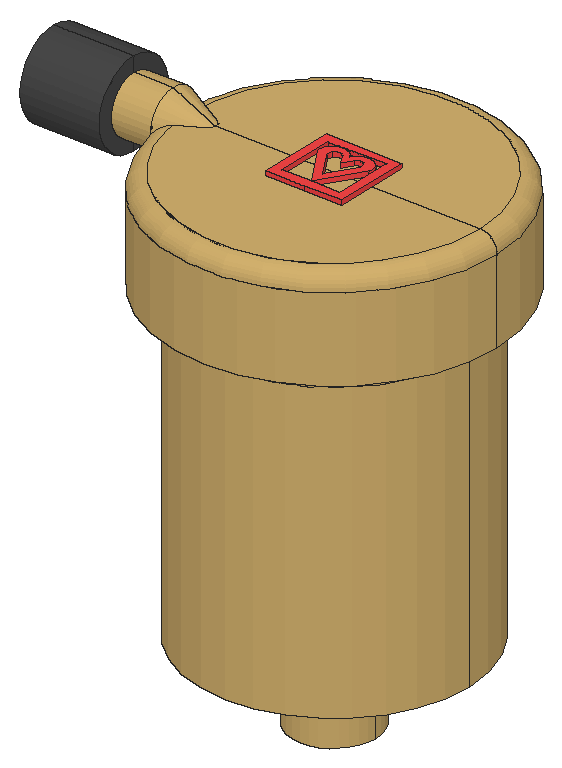
Revit family "Automatic air vents 2630 02", category Rohrzubehör, Revit 2021
Family settings
  Bemaßung runder Anschluss = Durchmesser verwenden
  Teiletyp = Normal
  OmniClass-Nummer = 23.65.55.14
  OmniClass-Titel = Valves for Liquid Services
  Arbeitsebenenbasiert = Nein
  Immer vertikal = Ja
  Beim Laden mit Abzugskörper schneiden = Nein
  Gemeinsam genutzt = Nein
Parameters
  Vorgabe-Ansicht = 0.000 mm
  URL = "www.herzvalves.com"
  SCRNSEQ = "AWI;AWI_TYP=\"1013\";1"
  SCRNCODE = "05;14;01"  # constant formula
  Part number [instance] = if(Nennweite AG = 10.000 mm, 1263002, 0)  # 1263002
  Float ball = "polypropylene "  # constant formula
  S02 = 11.000 mm  # constant formula
  S01 = 24.500 mm  # constant formula
  R01 = 2.000 mm  # constant formula
  Nennweite AG [instance] = 10.000 mm  # constant formula
  min. Operating temperature = 0 °C  # constant formula
  Medium = "heating water quality according to ÖNORM H5195 or VDI-Standard 2035.\r\nthe use of ethylene or propylene glycol in a mixing ratio 25-50% is allowed.\r\nplease refer to manufacturers documentation when using ethylene glycol products for frost and corrosion protection.\r\nthe HERZ air vent is not suitable for usage of aggressive medium (such as: acids, alkalis, combustible and explosive gases..) because it can damage the sealing components."
  max. Structual pressure = 1200000.0 Pa  # constant formula
  max. Operating temperature = 110 °C  # constant formula
  max. Operating pressure = 800000.0 Pa  # constant formula
  L04 = L00 - L01  # 24.000 mm
  L03 = 13.500 mm  # constant formula
  L02 = 4.800 mm  # constant formula
  L01 = 9.500 mm  # constant formula
  L00 = 33.500 mm  # constant formula
  Hersteller = "Herz-Armaturen GmbH"  # constant formula
  H05 = H00 - 1.000 mm  # 58.000 mm
  H04 = H03 - D03  # 57.900 mm
  H03 = 63.000 mm  # constant formula
  H02 = 9.500 mm  # constant formula
  H01 = 12.000 mm  # constant formula
  H00 = 59.000 mm  # constant formula
  Housing = "forged brass acc. to EN 12165, CW617N "  # constant formula
  G1 [instance] = Nennweite AG / 2  # 5.000 mm
  Sealing = "NBR"  # constant formula
  Lid = "forged brass acc. to EN 12165, CW617N"  # constant formula
  D05 = 0.800 mm  # constant formula
  D04 = 3.400 mm  # constant formula
  D03 = 5.100 mm  # constant formula
  D02 = 19.500 mm  # constant formula
  D01 = 16.200 mm  # constant formula
  External threaded connectors = "acc. to ISO 228"  # constant formula
  Field of application = "HERZ - Air vent is used for venting of the central heating installations.\r\nthe air vent should be placed nearby the boiler or at the highest points of installation.\r\ninstallations must be carried out in such a way that the retention of air bubbles in a certain part of installation is not possible.\r\nbefore usage, unscrew the polypropylene cover cap on the lid for 2 to 3 turns.\r\nin case of uncontrolled medium leakage, tighten the cover cap.\r\nthe air vent must be cleaned or replaced.\r\nwe always recommend to use backflow preventer for easy service and replacement of the air vent."
  Cover cap = "polypropylene, black colour"  # constant formula
Reference planes
  plane 1 "Mitte (Vorne/hinten)": y = 0
  plane 2: z = 0
  plane 3 "Mitte (Links/rechts)": x = 0
Forms (mm)
  Revolve 1, solid, material "Messing", detail levels fine
    sketch origin (0, 0, 0) x (1, 0, 0) y (0, 0, 1)
      loop
        line (0, 0) -> (0, 59) -> (-17.5, 59)
        arc (-17.5, 59) -> (-18.914, 58.414) -> (-19.5, 57) r 2
        line (-19.5, 57) -> (-19.5, 47) -> (-18.2, 47)
        arc (-18.2, 47) -> (-16.786, 46.414) -> (-16.2, 45) r 2
        line (-16.2, 45) -> (-16.2, 9.5) -> (-5, 9.5) -> (-5, 0) -> (0, 0)
      axis (0, 59) -> (0, 0)
    angle from 0 to 360
  Revolve 2, solid, material "Kunststoff - schwarz", detail levels fine
    sketch origin (0, 0, 0) x (1, 0, 0) y (0, 0, 1)
      loop
        line (-33.5, 57.9) -> (-24, 57.9) -> (-24, 63) -> (-33.5, 63) -> (-33.5, 57.9)
      axis (-33.5, 57.9) -> (-24, 57.9)
    angle from 0 to 360
  Revolve 3, solid, material "Messing", detail levels fine
    sketch origin (0, 0, 0) x (1, 0, 0) y (0, 0, 1)
      loop
        line (-24, 57.9) -> (0, 57.9) -> (0, 58.7) -> (-13.5, 58.7) -> (-19.2, 61.3) -> (-24, 61.3) -> (-24, 57.9)
      axis (-24, 57.9) -> (0, 57.9)
    angle from 0 to 360
Lines and regions (mm)
  model lines, detail levels coarse+medium
    curve 1: line (0, 0, 59) -> (-11.455, 0, 47.545)
    curve 2: line (0, 0, 59) -> (11.455, 0, 47.545)
    curve 3: circle (0, 0, 34.5) r 11 normal (0, -1, 0)
    curve 4: line (0, 0, 10) -> (-11.455, 0, 21.455)
    curve 5: line (0, 0, 10) -> (11.455, 0, 21.455)
    curve 6: line (0, 0, 59) -> (0, 0, 45.5)
    curve 7: line (0, 0, 23.5) -> (0, 0, 0)
    curve 8: line (0, 0, 59) -> (0, -11.455, 47.545)
    curve 9: line (0, 0, 59) -> (0, 11.455, 47.545)
    curve 10: circle (0, 0, 34.5) r 11 normal (1, 0, 0)
    curve 11: line (0, 0, 10) -> (0, -11.455, 21.455)
    curve 12: line (0, 0, 10) -> (0, 11.455, 21.455)
    curve 13: line (0, 59, 0) -> (11.455, 47.545, 0)
    curve 14: line (0, 59, 0) -> (-11.455, 47.545, 0)
    curve 15: circle (0, 34.5, 0) r 11 normal (0, 0, 1)
    curve 16: line (0, 59, 0) -> (0, 45.5, 0)
    curve 17: line (0, 23.5, 0) -> (0, 0, 0)
    curve 18: line (0, 10, 0) -> (11.455, 21.455, 0)
    curve 19: line (0, 10, 0) -> (-11.455, 21.455, 0)
Dimensions and locks
  "G1": Revolve 1 sketch curve to Revolve 1 sketch curve
  "H00": Revolve 1 sketch curve to Revolve 1 sketch curve
  "D01": Revolve 1 sketch curve to Revolve 1 sketch curve
  "D02": Revolve 1 sketch curve to Revolve 1 sketch curve
  "H02": Revolve 1 sketch curve to Revolve 1 sketch curve
  "H01": Revolve 1 sketch curve to Revolve 1 sketch curve
  "D03": Revolve 2 sketch curve to Revolve 2 sketch curve
  "L01": Revolve 2 sketch curve to Revolve 2 sketch curve
  "L00": Revolve 2 sketch curve to plane 3 "Mitte (Links/rechts)"
  "D04": Revolve 3 sketch curve to Revolve 3 sketch curve
  "L02": Revolve 3 sketch curve to Revolve 3 sketch curve
  "L03": Revolve 3 sketch curve to plane 3 "Mitte (Links/rechts)"
  "L04": Revolve 3 sketch curve to plane 3 "Mitte (Links/rechts)"
  "D05": Revolve 3 sketch curve to Revolve 3 sketch curve
  "H03": Revolve 2 sketch curve to plane 2
  "H04": Revolve 3 sketch curve to plane 2
  "H05": nested 1 to plane 2
  "D01": curve 2 to curve 2
  "D01": curve 1 to curve 2
  "S01": curve 5 to curve 3 to curve 2
  "H00": curve 6 to plane 2
  "D01": curve 4 to curve 5
  "D01": curve 5 to curve 5
  "S01": curve 9 to curve 10
  "H00": curve 9 to plane 2
  "S01": curve 12 to curve 10
  "D01": curve 8 to curve 8
  "D01": curve 9 to curve 9
  "D01": curve 11 to curve 11
  "D01": curve 12 to curve 12
  "H00": curve 16 to curve 17
  "D01": curve 14 to curve 14
  "D01": curve 13 to curve 13
  "D01": curve 19 to curve 19
  "D01": curve 18 to curve 18
  "S01": curve 16 to curve 15 to curve 19
  "R01": radius of Revolve 1 sketch curve  (x2)
  "S02": radius of curve 3
  "S02": radius of curve 10
  "S02": radius of curve 15
  angle curve 1 to curve 6 = 45.00°
  angle curve 6 to curve 2 = 45.00°
  angle curve 5 to curve 7 = 45.00°
  angle curve 7 to curve 4 = 45.00°
  angle plane 1 "Mitte (Vorne/hinten)" to curve 9 = 45.00°
  angle curve 8 to plane 1 "Mitte (Vorne/hinten)" = 45.00°
  angle plane 1 "Mitte (Vorne/hinten)" to curve 11 = 45.00°
  angle curve 12 to plane 1 "Mitte (Vorne/hinten)" = 45.00°
  angle curve 16 to curve 13 = 45.00°
  angle curve 14 to curve 16 = 45.00°
  angle curve 16 to curve 19 = 45.00°
  angle curve 18 to curve 17 = 45.00°
  aligned and locked: level to plane 2
Automatic sketch dimensions
  curve 12 to plane 1 "Mitte (Vorne/hinten)" = 0.000 mm
  curve 10 to plane 1 "Mitte (Vorne/hinten)" = 0.000 mm
  curve 9 to plane 1 "Mitte (Vorne/hinten)" = 0.000 mm
  curve 2 to plane 3 "Mitte (Links/rechts)" = 0.000 mm
  curve 7 to plane 3 "Mitte (Links/rechts)" = 0.000 mm
  curve 3 to plane 3 "Mitte (Links/rechts)" = 0.000 mm
  curve 4 to plane 3 "Mitte (Links/rechts)" = 0.000 mm
  curve 14 to plane 3 "Mitte (Links/rechts)" = 0.000 mm
  curve 19 to plane 3 "Mitte (Links/rechts)" = 0.000 mm
  curve 15 to plane 3 "Mitte (Links/rechts)" = 0.000 mm
  curve 17 to plane 3 "Mitte (Links/rechts)" = 0.000 mm
  plane 1 "Mitte (Vorne/hinten)" to curve 17 = 0.000 mm
  Revolve 1 sketch curve to level = 0.000 mm
  Revolve 1 sketch curve to plane 3 "Mitte (Links/rechts)" = 0.000 mm  (x2)
  Revolve 1 sketch curve to level = 2000.000 mm
  Revolve 1 sketch curve to Revolve 1 sketch curve = 1937.000 mm
  Revolve 2 sketch curve to Revolve 2 sketch curve = 0.000 mm  (x3)
  Revolve 3 sketch curve to plane 3 "Mitte (Links/rechts)" = 0.000 mm
  Revolve 3 sketch curve to Revolve 3 sketch curve = 0.212 mm
  Revolve 3 sketch curve to plane 3 "Mitte (Links/rechts)" = 0.539 mm
  Revolve 3 sketch curve to Revolve 3 sketch curve = 0.000 mm
Nested families
  nested 1: "Herz-Logo" at (0, 0, 58), type "Herz-Logo", detail levels fine
Connectors
  piping at (0, 0, 0), diameter 10, driven by "Nennweite AG"
    settings: on Revolve 1, index 1, connector inside diameter 609.6 mm, connector length 0.000 mm, flow factor 0, pipe flow 0.0 L/s, pressure drop 0.0 Pa, fitting loss kfactor 0, connector angle 0.00°, fixture units 0, engagement length 0.000 mm, angle of deflection 0.00°, flow configuration 0, flow direction 1, fitting loss method 0, system type 29, joint type 0, gender type 0, connector reference index -1, connector utility 0, adjustable connector no, is connector primary yes, connector description ""
Definition of nested family "Herz-Logo"
  Parameters (values of type "Herz-Logo")
    Default Elevation = 0.000 mm
  Reference planes
    plane 1 "Mitte (Vorne/hinten)": y = 0
    plane 2: z = 0
    plane 3 "Mitte (Links/rechts)": x = 0
  Forms (mm)
    Extrusion 1, solid
      sketch origin (0, 0, 0) x (1, 0, 0) y (0, 1, 0)
        loop
          line (-0.018, -4.517) -> (4.482, -4.517) -> (4.482, 4.483) -> (-4.518, 4.483) -> (-4.518, -4.517) -> (-0.018, -4.517)
        loop
          line (-0.05, -3.48) -> (3.482, -3.48) -> (3.482, 3.483) -> (-3.518, 3.483) -> (-3.518, -3.48) -> (-0.05, -3.48)
        loop
          arc (-0.018, 2.383) -> (-1.543, 3.287) -> (-3.067, 2.383) r 1.738
          arc (-3.067, 2.383) -> (-3.191, 1.899) -> (-3.067, 1.415) r 1.009
          line (-3.067, 1.415) -> (-0.018, -3.281) -> (3.032, 1.415)
          arc (3.032, 1.415) -> (3.156, 1.899) -> (3.032, 2.383) r 1.009
          arc (3.032, 2.383) -> (1.507, 3.287) -> (-0.018, 2.383) r 1.738
        loop
          arc (1.885, 1.272) -> (2.005, 1.675) -> (1.885, 2.079) r 0.74
          arc (1.885, 2.079) -> (1.265, 2.416) -> (0.644, 2.079) r 0.74
          line (0.644, 2.079) -> (-0.018, 0.97) -> (-0.679, 2.079)
          arc (-0.679, 2.079) -> (-1.3, 2.416) -> (-1.921, 2.079) r 0.74
          arc (-1.921, 2.079) -> (-2.04, 1.675) -> (-1.921, 1.272) r 0.74
          line (-1.921, 1.272) -> (-0.018, -1.658) -> (1.885, 1.272)
      from 0 to 1.5
  Dimensions and locks
    aligned and locked: level to plane 2
